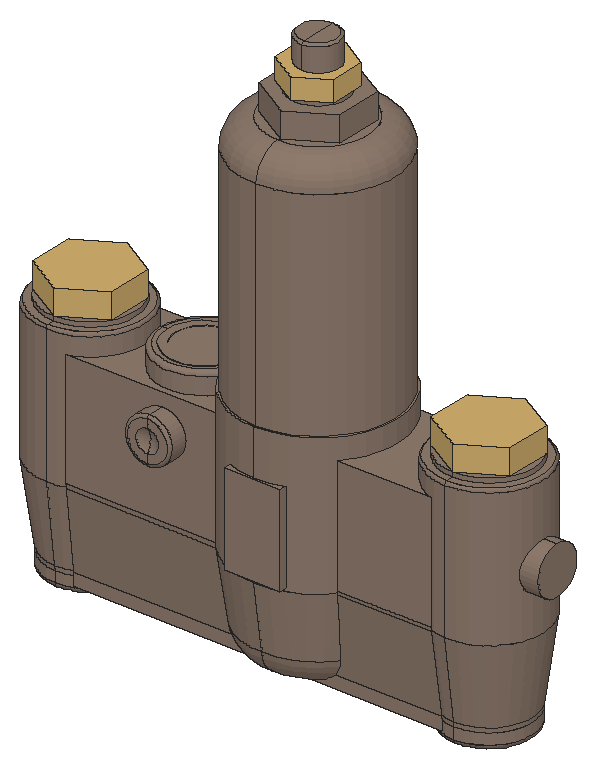
Revit family "Mixing_Valve-Emergency-Bradley_Corp-EFX50-S19-2250", category Pipe Accessories, Revit 2021
Family settings
  Round Connector Dimension = Use Radius
  Part Type = Valve - Breaks Into
  Work Plane-Based = No
  Always vertical = Yes
  Cut with Voids When Loaded = No
  Shared = No
Parameters (values of type "EFX50")
  Znpt Radius = Znpt / 2  # 3/8"
  Znpt = 3/4"
  Ynpt Radius = Ynpt / 2  # 5/8"
  Ynpt = 1 1/4"
  Xnpt Radius = Xnpt / 2  # 1/2"
  Xnpt = 1"
  Width = G  # 3.625"
  Warranty Information = "n/a"
  Visibility Outlet [instance] = and(Valve Visibility, P Option Inlet & Outlet Shutoffs)  # no
  Visibility Inlet [instance] = and(Valve Visibility, P Option Inlet & Outlet Shutoffs)  # no
  Version = "2.0"
  Valve Visibility [instance] = or(not(Cabinet Visibility), or(not(Door Visibility), and(Cabinet Visibility, Plexiglass Window Visibility)))  # yes
  Valve Material = Metal - Bradley Corp - Bronze
  URL = "http://www.bradleycorp.com/"
  Tempered Water Flow [instance] = 0 GPM
  Temperature Range = "Std. 65˚ (18˚C) to 95˚F (35˚C)"
  Temperature Notes = "\"Refer to Bradley Technical Data for other temperature ranges\""
  Technical Data = "n/a"
  Stainless Steel Cabinet Door [instance] = and(Door Visibility, and(Cabinet Visibility, not(Plexiglass Window in Door)))  # no
  Specifications URL = "https://www.bradleycorp.com/mediamanager/view/10378/CSI_3-Part_Spec_Guideline_Section_221119.pdf"
  Shutoffs Top to Bottom = 23.000"
  Set Point Notes = "\"Refer to Bradley Technical Data for other set points\""
  Set Point = "85˚F (29˚C)"
  Return Flow [instance] = 0 GPM
  Recessed Cabinet [instance] = no
  Product Tech Data URL - Spanish = ""
  Product Tech Data URL - French = ""
  Product Tech Data URL - English = "https://www.bradleycorp.com/mediamanager/view/10048/S19-2250_EFX50_Thermostatic_Mixing_Valve.pdf"
  Product Page URL = "https://www.bradleycorp.com/product/navigator-efx50"
  Product Name = ""
  Pressure Drop [instance] = 45.00 psi
  Plexiglass Window in Door [instance] = no
  Plexiglass Window Visibility [instance] = and(Door Visibility, and(Cabinet Visibility, Plexiglass Window in Door))  # no
  Percentage of Recycled Content = 0
  P Option Inlet & Outlet Shutoffs [instance] = no
  Outlet Length [instance] = if(P Option Inlet & Outlet Shutoffs, 12.187", if(N Option Outlet Shutoff Only, 8.250", 1.000"))  # 1.000"
  Origin Placement [instance] = if(Recessed Cabinet, Cabinet Depth - 0.125", 0.000")  # 0.000"
  OmniClass Title = "Mixing Valves for Liquid Services"
  OmniClass Code = "23.65.55.14.24"
  Nut Material = Metal - Bradley Corp - Light Bronze
  N Option Outlet Shutoff Only [instance] = no
  Modeling Code = ""
  Model = "S19-2250"
  Minimum Flow = 2 GPM
  Maximum Operating Pressure = 125.00 psi
  Maximum Inlet Temperature = "180˚F (82˚C)"
  Material Note = "n/a"
  Material = "Brass"
  MasterFormat Title = "Emergency Fixture Water-Tempering Equipment"
  MasterFormat Number = "22 45 36"
  Manufacturer Installation URL - English = "https://www.bradleycorp.com/mediamanager/view/11674/215-1810.pdf"
  Manufacturer = "Bradley Corporation"
  Length = H  # 11.375"
  LEED Credit = ""
  Inlet Length [instance] = if(P Option Inlet & Outlet Shutoffs, 7.563", if(N Option Outlet Shutoff Only, 3.813", 1.000"))  # 1.000"
  Industry Standards = "ANSI Z358.1-2004"
  Height = E  # 12.250"
  H = 11.375"
  G = 3.625"
  Flow Capacity [instance] = 83 GPM
  Flange Width = (Cabinet Flange Height - Cabinet Height) / 2  # 1.000"
  Fire Rating = "n/a"
  Finish [instance] = if(Chrome Plated, "Chrome Plated", "")  # ""
  F = 19.000"
  E = 12.250"
  Door Flange Depth = 0.125"
  Door Visibility [instance] = yes
  Domestic Hot In [instance] = Tempered Water Flow / 2  # 0 GPM
  Domestic Cold In [instance] = Tempered Water Flow / 2  # 0 GPM
  Dial Thermometer Visibility [instance] = and(Dial Thermometer, Valve Visibility)  # no
  Dial Thermometer [instance] = no
  Description = "Emergency Fixture Thermostatic Mixing Valve (EFX60) with Optional Cabinet"
  Default Elevation = 0.000"
  D = 5.250"
  Copyright = "This Model Data is Property of Bradley Corporation"
  Chrome Plated [instance] = no
  Outlet Center to Piston = 2.500"
  Outlet Center to Cabinet Back = 2.250"
  Left Inlet Center to Left of Box = 7.625"
  Center Inlets to Edge = (H - A - 0.375") / 2  # 1.125"
  Cabinet Window Material = Plastic - Bradley Corp - Plexi-glass
  Cabinet Width = 24.000"
  Cabinet Visibility [instance] = or(Cabinet, Recessed Cabinet)  # no
  Cabinet Material = Metal - Bradley Corp - Stainless Steel
  Cabinet Height = 28.000"
  Cabinet Flange Width = 26.000"
  Cabinet Flange Height = 30.000"
  Cabinet Depth = 6.500"
  Cabinet [instance] = no
  C = 3.500"
  Box Depth = Cabinet Depth - Door Flange Depth  # 6.375"
  Bottom Valve to Bottom Shutoff Inlets = 6.563"
  B = 2.500"
  Assembly Code = "D2090800"
  ADA Compliant = no
  A = 8.750"
Reference planes (in)
  plane 1 "Center (Front/Back)": y = 0
  plane 2 "Top C": z = 2.09604
  plane 3 "Center (Left/Right)": x = 0
  plane 4 "Bottom C-D": z = -1.40396
  plane 5 "Top D": z = 3.84604
  plane 6 "Left A-B": x = -4.375
  plane 7 "Right B": x = -1.875
  plane 8 "Right A": x = 4.375
  plane 9 "Left H": x = -5.5
  plane 10 "Right H": x = 5.875
  plane 11 "Right edge": x = 5.5
  plane 12 "Top Nuts": z = 4.50229
  plane 13 "Top valve": z = 10.84604
  plane 14 "Front G": y = -4.0625
  plane 15 "Center G": y = -2.25
  plane 16 "Center Piston": x = 0.625
  plane 17 "Left Cabinet": x = -12
  plane 18 "Top Cabinet": z = 18.03304
  plane 19 "Right Cabinet": x = 12
  plane 20 "Bottom Cabinet": z = -9.96696
  plane 21 "Left Flange": x = -13
  plane 22 "Bottom Flange": z = -10.96696
  plane 23 "Right Flange": x = 13
  plane 24 "Top Flange": z = 19.03304
  plane 25 "Front Cabinet": y = -6.5
  plane 26 "Front Cabinet inside": y = -6.375
  plane 27 "Back G": y = -0.4375
  plane 28 "Inlet extension": z = -1.40396
  plane 29 "Outlet extension": z = 3.84604
  plane 30 "Inlet base": z = -0.40396
  plane 31 "Outlet base": z = 2.84604
  plane 32 "Dial": z = 2.59604
  plane 33 "Inlets shutoff bottom": z = -7.96696
  plane 34 "Outlet shutoff top": z = 15.03304
  plane 35 "Handle front": y = -4.4625
  plane 36 "Dial front": y = -4.3125
  plane 37 "Cabinet back": y = 0
  plane 38: z = 3.37729
  plane 39: x = -11.875
  plane 40: z = -9.84196
  plane 41: z = 17.90804
  plane 42: x = 11.875
  plane 43: y = -3.805
  plane 44: y = -0.695
  plane 45: through (-1.875, -180, 2.59604) normal (-0.7071, 0, -0.7071)
Forms (in)
  Extrusion 1, solid, material "Metal - Bradley Corp - Stainless Steel" <- "Cabinet Material", visible <- "Recessed Cabinet", detail levels fine
    sketch origin (0, -6.5, 0) x (-1, 0, 0) y (0, 0, 1)
      loop
        line (13, 19.03304) -> (-13, 19.03304) -> (-13, -10.96696) -> (13, -10.96696) -> (13, 19.03304)
      loop
        line (12, 18.03304) -> (-12, 18.03304) -> (-12, -9.96696) -> (12, -9.96696) -> (12, 18.03304)
    from 0 to 0.125 <- "Door Flange Depth"
  Extrusion 2, solid, material "Metal - Bradley Corp - Stainless Steel" <- "Cabinet Material", visible <- "Cabinet Visibility", detail levels fine
    sketch origin (0, -6.375, 0) x (-1, 0, 0) y (0, 0, 1)
      loop
        line (12, 18.03304) -> (-12, 18.03304) -> (-12, -9.96696) -> (12, -9.96696) -> (12, 18.03304)
    from 0 to 6.375 <- "Box Depth"
  Extrusion 3, void
    sketch origin (0, -6.5, 0) x (-1, 0, 0) y (0, 0, 1)
      loop
        line (11.875, 17.90804) -> (-11.875, 17.90804) -> (-11.875, -9.84196) -> (11.875, -9.84196) -> (11.875, 17.90804)
    from 0 to 6.375 <- "Box Depth"
  Extrusion 4, solid, material "Metal - Bradley Corp - Stainless Steel" <- "Cabinet Material", visible <- "Stainless Steel Cabinet Door", detail levels fine
    sketch origin (0, -6.5, 0) x (-1, 0, 0) y (0, 0, 1)
      loop
        line (12, 18.03304) -> (-12, 18.03304) -> (-12, -9.96696) -> (12, -9.96696) -> (12, 18.03304)
    from 0 to 0.125 <- "Door Flange Depth"
  Extrusion 5, solid, material "Metal - Bradley Corp - Stainless Steel" <- "Cabinet Material", visible <- "Plexiglass Window Visibility", detail levels fine
    sketch origin (0, -6.5, 0) x (-1, 0, 0) y (0, 0, 1)
      loop
        line (12, 18.03304) -> (-12, 18.03304) -> (-12, -9.96696) -> (12, -9.96696) -> (12, 18.03304)
      loop
        circle (1.875, 2.59604) r 1.5
    from 0 to 0.125 <- "Door Flange Depth"
  Extrusion 6, solid, material "Plastic - Bradley Corp - Plexi-glass" <- "Cabinet Window Material", visible <- "Plexiglass Window Visibility", detail levels fine
    sketch origin (0, -6.5, 0) x (-1, 0, 0) y (0, 0, 1)
      loop
        circle (1.875, 2.59604) r 1.5
    from 0 to 0.125 <- "Door Flange Depth"
  Extrusion 7, solid, material "Metal - Bradley Corp - Bronze" <- "Valve Material", visible <- "Valve Visibility", detail levels fine
    sketch origin (-4.375, 0, 0) x (0, 0, 1) y (0, -1, 0)
      loop
        arc (0.82913, 3.3875) -> (0.78172, 3.38586) -> (0.73455, 3.38096) r 0.6875
        line (0.73455, 3.38096) -> (-1.01839, 3.1375) -> (-1.3022, 3.1375) -> (-1.3022, 1.3625) -> (-1.01839, 1.3625) -> (0.73455, 1.11904)
        arc (0.73455, 1.11904) -> (0.78172, 1.11414) -> (0.82913, 1.1125) r 0.6875
        line (0.82913, 1.1125) -> (3.37729, 1.1125) -> (3.37729, 3.3875) -> (0.82913, 3.3875)
    from 0 to 8.75 <- "A"
  Revolve 8, solid, material "Metal - Bradley Corp - Bronze" <- "Valve Material", visible <- "Valve Visibility", detail levels fine
    sketch origin (-4.375, 0, 0) x (0, 0, 1) y (0, -1, 0)
      loop
        arc (3.76604, 1.05) -> (3.81076, 1.06056) -> (3.84604, 1.09) r 0.1
        line (3.84604, 1.09) -> (3.84604, 1.25) -> (3.94604, 1.25) -> (3.94604, 2.25) -> (-1.31345, 2.25) -> (-1.31345, 1.6875) -> (-1.43396, 1.6875) -> (-1.43396, 1.4)
        arc (-1.43396, 1.4) -> (-1.40467, 1.32929) -> (-1.33396, 1.3) r 0.1
        line (-1.33396, 1.3) -> (-1.08579, 1.3)
        arc (-1.08579, 1.3) -> (-1.03408, 1.29822) -> (-0.98262, 1.29287) r 0.75
        line (-0.98262, 1.29287) -> (0.76604, 1.05) -> (3.76604, 1.05)
      axis (3.94604, 2.25) -> (-1.43396, 2.25)
    angle from 0 to 360
  Revolve 9, solid, material "Metal - Bradley Corp - Bronze" <- "Valve Material", visible <- "Valve Visibility", detail levels fine
    sketch origin (4.375, 0, 0) x (0, 0, 1) y (0, -1, 0)
      loop
        arc (3.76604, 1.05) -> (3.81076, 1.06056) -> (3.84604, 1.09) r 0.1
        line (3.84604, 1.09) -> (3.84604, 1.25) -> (3.94604, 1.25) -> (3.94604, 2.25) -> (-1.31345, 2.25) -> (-1.31345, 1.6875) -> (-1.43396, 1.6875) -> (-1.43396, 1.4)
        arc (-1.43396, 1.4) -> (-1.40467, 1.32929) -> (-1.33396, 1.3) r 0.1
        line (-1.33396, 1.3) -> (-1.08579, 1.3)
        arc (-1.08579, 1.3) -> (-1.03408, 1.29822) -> (-0.98262, 1.29287) r 0.75
        line (-0.98262, 1.29287) -> (0.76604, 1.05) -> (3.76604, 1.05)
      axis (3.94604, 2.25) -> (-1.43396, 2.25)
    angle from 0 to 360
  Revolve 10, solid, material "Metal - Bradley Corp - Bronze" <- "Valve Material", visible <- "Valve Visibility", detail levels fine
    sketch origin (0.625, 0, 0) x (0, 0, 1) y (0, -1, 0)
      loop
        line (3.84604, 0.55) -> (8.59648, 0.55)
        arc (8.59648, 0.55) -> (9.02156, 0.72607) -> (9.19763, 1.15115) r 0.60115
        line (9.19763, 1.15115) -> (9.19763, 1.875) -> (9.74565, 1.875) -> (9.74565, 1.625) -> (9.84565, 1.625) -> (9.84565, 1.8) -> (10.79565, 1.8) -> (10.84604, 1.85039) -> (10.84604, 2.25) -> (9.74565, 2.25) -> (-1.3022, 2.25) -> (-1.3022, 1.28944)
        arc (-1.3022, 1.28944) -> (-1.07989, 0.89546) -> (-0.67145, 0.70099) r 0.75
        line (-0.67145, 0.70099) -> (0.77565, 0.5) -> (3.84604, 0.5) -> (3.84604, 0.55)
      axis (10.84604, 2.25) -> (-1.3022, 2.25)
    angle from 0 to 360
  Extrusion 11, solid, material "Metal - Bradley Corp - Bronze" <- "Valve Material", visible <- "Valve Visibility", detail levels fine
    sketch origin (0, -4.0625, 0) x (-1, 0, 0) y (0, 0, 1)
      loop
        line (-0.02127, 2.84604) -> (-1.22873, 2.84604) -> (-1.22873, 0.84604) -> (-0.02127, 0.84604) -> (-0.02127, 2.84604)
    from 0 to 3.625 <- "G"
  Revolve 12, solid, material "Metal - Bradley Corp - Bronze" <- "Valve Material", visible <- "Valve Visibility", detail levels fine
    sketch origin (-1.875, 0, 0) x (0, 0, 1) y (0, -1, 0)
      loop
        arc (2.15628, 3.805) -> (2.11369, 3.78735) -> (2.09604, 3.74475) r 0.06024
        line (2.09604, 3.74475) -> (2.09604, 0.75525)
        arc (2.09604, 0.75525) -> (2.11369, 0.71265) -> (2.15628, 0.695) r 0.06024
        line (2.15628, 0.695) -> (2.34604, 0.695)
        arc (2.34604, 0.695) -> (2.46433, 0.75691) -> (2.59604, 0.77873) r 0.42164
        line (2.59604, 0.77873) -> (2.59604, 3.72127)
        arc (2.59604, 3.72127) -> (2.46433, 3.74309) -> (2.34604, 3.805) r 0.42164
        line (2.34604, 3.805) -> (2.15628, 3.805)
      axis (2.59604, 3.805) -> (2.59604, 0.695)
    angle from 0 to 360
  Extrusion 13, solid, material "Metal - Bradley Corp - Light Bronze" <- "Nut Material", visible <- "Valve Visibility", detail levels fine
    sketch origin (0, 0, 4.50229) x (-1, 0, 0) y (0, -1, 0)
      loop
        line (3.50897, 1.75) -> (4.375, 1.25) -> (5.24103, 1.75) -> (5.24103, 2.75) -> (4.375, 3.25) -> (3.50897, 2.75) -> (3.50897, 1.75)
      loop
        line (-5.24103, 1.75) -> (-4.375, 1.25) -> (-3.50897, 1.75) -> (-3.50897, 2.75) -> (-4.375, 3.25) -> (-5.24103, 2.75) -> (-5.24103, 1.75)
    from 0 to -0.55625
  Revolve 14, solid, material "Metal - Bradley Corp - Bronze" <- "Valve Material", visible <- "Valve Visibility", detail levels fine
    sketch origin (0, -2.25, 0) x (-1, 0, 0) y (0, 0, 1)
      loop
        line (2.875, 3.37729) -> (2.875, 3.74987)
        arc (2.875, 3.74987) -> (2.84683, 3.81787) -> (2.77883, 3.84604) r 0.09617
        line (2.77883, 3.84604) -> (2.5, 3.84604) -> (2.5, 3.69882) -> (1.875, 3.69882) -> (1.875, 3.37729) -> (2.875, 3.37729)
      axis (1.875, 3.84604) -> (1.875, 3.37729)
    angle from 0 to 360
  Extrusion 15, solid, material "Plastic - Bradley Corp - White", visible <- "Dial Thermometer Visibility", detail levels fine
    sketch origin (0, -4.3125, 0) x (0, 0, 1) y (-1, 0, 0)
      loop
        circle (2.59604, 1.875) r 1.5
    from 0 to -0.25
  Extrusion 16, solid, material "Plastic - Bradley Corp - Black", visible <- "Dial Thermometer Visibility", detail levels fine
    sketch origin (0, -4.3125, 0) x (0, 0, 1) y (-1, 0, 0)
      loop
        arc (2.67153, 1.80942) -> (3.15699, 2.33019) -> (3.60475, 2.88371) r 10.14983
        arc (3.60475, 2.88371) -> (3.05123, 2.43595) -> (2.53046, 1.95049) r 10.14983
        arc (2.53046, 1.95049) -> (2.52533, 1.80429) -> (2.67153, 1.80942) r 0.1
    from 0 to 0.125
  Extrusion 17, solid, material "Metal - Bradley Corp - Light Bronze" <- "Nut Material", visible <- "Valve Visibility", detail levels fine
    sketch origin (0.625, -2.25, 9.84565) x (0, 1, 0) y (-1, 0, 0)
      loop
        line (0.375, -0.64952) -> (0.75, 0) -> (0.375, 0.64952) -> (-0.375, 0.64952) -> (-0.75, 0) -> (-0.375, -0.64952) -> (0.375, -0.64952)
    from 0 to 0.44802
  Extrusion 18, solid, material "Metal - Bradley Corp - Bronze" <- "Valve Material", visible <- "Valve Visibility", detail levels fine
    sketch origin (5.875, 0, 0) x (0, 0, 1) y (0, -1, 0)
      loop
        circle (2.09604, 2.25) r 0.525
    from 0 to -0.84747
  Extrusion 19, solid, material "Metal - Bradley Corp - Bronze" <- "Valve Material", visible <- "Valve Visibility", detail levels fine
    sketch origin (0, 0, 2.84604) x (-1, 0, 0) y (0, -1, 0)
      loop
        circle (1.875, 2.25) r 0.805
    from 0 to 1
  Extrusion 20, solid, material "Metal - Bradley Corp - Bronze" <- "Valve Material", visible <- "Valve Visibility", detail levels fine
    sketch origin (0, 0, -0.40396) x (-1, 0, 0) y (0, -1, 0)
      loop
        circle (4.375, 2.25) r 0.6575
      loop
        circle (-4.375, 2.25) r 0.6575
    from 0 to -1
  Extrusion 21, solid, material "Metal - Bradley Corp - Bronze", visible <- "Valve Visibility", detail levels fine
    sketch origin (0.625, -2.25, 9.19763) x (0, 1, 0) y (-1, 0, 0)
      loop
        line (1.03337, 0) -> (0.51668, 0.89492) -> (-0.51668, 0.89492) -> (-1.03337, 0) -> (-0.51668, -0.89492) -> (0.51668, -0.89492) -> (1.03337, 0)
    from 0 to 0.54802
Cuts and joins
  Extrusion 3 cuts Extrusion 1
  Extrusion 3 cuts Extrusion 2
  joined: Extrusion 7, Revolve 10
  joined: Revolve 14, Extrusion 18
Lines and regions (in)
  Masking region 1, detail levels fine
    outline origin (0, 0, -0.40396) x (-1, 0, 0) y (0, -1, 0)
      loop
        line (-5.875, 2.775) -> (-5.875, 1.725) -> (-5.45406, 1.725)
        arc (-5.45406, 1.725) -> (-4.83888, 1.14329) -> (-3.99278, 1.1125) r 1.2
        line (-3.99278, 1.1125) -> (-1.95488, 1.1125)
        arc (-1.95488, 1.1125) -> (-1.62424, 0.81333) -> (-1.22873, 0.60744) r 1.75
        line (-1.22873, 0.60744) -> (-1.22873, 0.4375) -> (-0.02127, 0.4375) -> (-0.02127, 0.60744)
        arc (-0.02127, 0.60744) -> (0.37424, 0.81333) -> (0.70488, 1.1125) r 1.75
        line (0.70488, 1.1125) -> (1.375, 1.1125) -> (1.375, 0.75511)
        arc (1.375, 0.75511) -> (1.39261, 0.71261) -> (1.43511, 0.695) r 0.06011
        line (1.43511, 0.695) -> (2.31806, 0.695)
        arc (2.31806, 0.695) -> (2.35867, 0.71569) -> (2.375, 0.75824) r 0.06358
        line (2.375, 0.75824) -> (2.375, 1.1125) -> (3.99278, 1.1125)
        arc (3.99278, 1.1125) -> (5.54276, 1.9737) -> (4.54305, 3.43818) r 1.2
        line (4.54305, 3.43818) -> (4.54305, 3.5) -> (4.875, 3.5) -> (4.875, 3.58429) -> (4.54305, 3.58429) -> (4.54305, 3.75) -> (4.20695, 3.75) -> (4.20695, 3.58429) -> (3.875, 3.58429) -> (3.875, 3.5) -> (4.20695, 3.5) -> (4.20695, 3.43818)
        arc (4.20695, 3.43818) -> (4.0987, 3.41776) -> (3.99278, 3.3875) r 1.2
        line (3.99278, 3.3875) -> (2.37501, 3.3875) -> (2.37501, 3.73569)
        arc (2.37501, 3.73569) -> (2.36052, 3.78409) -> (2.31453, 3.805) r 0.06104
        line (2.31453, 3.805) -> (1.44532, 3.805)
        arc (1.44532, 3.805) -> (1.39623, 3.79046) -> (1.375, 3.74387) r 0.06173
        line (1.375, 3.74387) -> (1.375, 3.3875) -> (0.76931, 3.3875)
        arc (0.76931, 3.3875) -> (0.41305, 3.72251) -> (-0.02127, 3.94727) r 1.77033
        line (-0.02127, 3.94727) -> (-0.02127, 4.0625) -> (-1.22873, 4.0625) -> (-1.22873, 3.89256)
        arc (-1.22873, 3.89256) -> (-1.62424, 3.68667) -> (-1.95488, 3.3875) r 1.75
        line (-1.95488, 3.3875) -> (-3.99278, 3.3875)
        arc (-3.99278, 3.3875) -> (-4.09879, 3.4174) -> (-4.20695, 3.43818) r 1.29332
        line (-4.20695, 3.43818) -> (-4.20695, 3.5) -> (-3.875, 3.5) -> (-3.875, 3.58429) -> (-4.20695, 3.58429) -> (-4.20695, 3.75) -> (-4.54305, 3.75) -> (-4.54305, 3.58429) -> (-4.875, 3.58429) -> (-4.875, 3.5) -> (-4.54291, 3.5) -> (-4.54291, 3.43819)
        arc (-4.54291, 3.43819) -> (-5.08118, 3.22021) -> (-5.45406, 2.775) r 1.2
        line (-5.45406, 2.775) -> (-5.875, 2.775)
  Masking region 2, detail levels fine
    outline origin (0, 0, -0.40396) x (-1, 0, 0) y (0, -1, 0)
      loop
        line (3.375, 4.0625) -> (3.375, 4.3125) -> (2.88371, 4.3125) -> (2.88371, 4.4375) -> (1.775, 4.4375) -> (1.775, 4.3125) -> (0.375, 4.3125) -> (0.375, 4.0625) -> (3.375, 4.0625)
  Masking region 3, detail levels fine
    outline origin (0, -4.3125, 0) x (0, 0, 1) y (-1, 0, 0)
      loop
        line (10.84604, -1.02461) -> (10.84604, -0.22539) -> (10.79565, -0.175) -> (10.29368, -0.175) -> (10.29368, 0.02452) -> (9.74565, 0.02452) -> (9.74565, 0.26992) -> (9.19763, 0.26992) -> (9.19763, 0.49313)
        arc (9.19763, 0.49313) -> (9.0272, 0.90457) -> (8.61576, 1.075) r 0.58187
        line (8.61576, 1.075) -> (3.8649, 1.075)
        arc (3.8649, 1.075) -> (4.05187, 2.23634) -> (3.34356, 3.17546) r 1.5
        line (3.34356, 3.17546) -> (3.76777, 3.17546)
        arc (3.76777, 3.17546) -> (3.8116, 3.18589) -> (3.84604, 3.21495) r 0.09733
        line (3.84604, 3.21495) -> (3.84604, 3.375) -> (3.94604, 3.375) -> (3.94604, 3.50897) -> (4.50229, 3.50897) -> (4.50229, 5.24103) -> (3.94604, 5.24103) -> (3.94604, 5.375) -> (3.84604, 5.375) -> (3.84604, 5.53461)
        arc (3.84604, 5.53461) -> (3.81345, 5.56395) -> (3.7709, 5.57456) r 0.09063
        line (3.7709, 5.57456) -> (0.76587, 5.57456) -> (-1.01612, 5.32905) -> (-1.31619, 5.32382)
        arc (-1.31619, 5.32382) -> (-1.39812, 5.30187) -> (-1.43396, 5.225) r 0.10034
        line (-1.43396, 5.225) -> (-1.43396, 4.375) -> (-1.43396, 3.525)
        arc (-1.43396, 3.525) -> (-1.40477, 3.45453) -> (-1.33429, 3.42534) r 0.09966
        line (-1.33429, 3.42534) -> (-1.3022, 3.42534) -> (-1.3022, -3.42254)
        arc (-1.3022, -3.42254) -> (-1.39314, -3.44155) -> (-1.43396, -3.525) r 0.10571
        line (-1.43396, -3.525) -> (-1.43396, -4.375) -> (-1.43396, -5.225)
        arc (-1.43396, -5.225) -> (-1.40168, -5.29903) -> (-1.32546, -5.32573) r 0.10101
        line (-1.32546, -5.32573) -> (-1.04105, -5.32573) -> (0.76621, -5.57485) -> (1.57104, -5.57485) -> (1.57104, -5.875) -> (2.62122, -5.875) -> (2.62122, -5.57463) -> (3.76777, -5.57463)
        arc (3.76777, -5.57463) -> (3.81178, -5.56425) -> (3.84604, -5.53475) r 0.09528
        line (3.84604, -5.53475) -> (3.84604, -5.375) -> (3.94604, -5.375) -> (3.94604, -5.24103) -> (4.50229, -5.24103) -> (4.50229, -3.50897) -> (3.94604, -3.50897) -> (3.94604, -3.375) -> (3.84604, -3.375) -> (3.84604, -3.2158)
        arc (3.84604, -3.2158) -> (3.81008, -3.18574) -> (3.76447, -3.17496) r 0.10189
        line (3.76447, -3.17496) -> (3.37729, -3.17496) -> (3.37729, -2.375) -> (3.84604, -2.375) -> (3.84604, -2.325) -> (8.61576, -2.325)
        arc (8.61576, -2.325) -> (9.0272, -2.15457) -> (9.19763, -1.74313) r 0.58187
        line (9.19763, -1.74313) -> (9.19763, -1.51992) -> (9.74565, -1.51992) -> (9.74565, -1.27452) -> (10.29368, -1.27452) -> (10.29368, -1.075) -> (10.79565, -1.075) -> (10.84604, -1.02461)
  Masking region 4, detail levels fine
    outline origin (5.875, 0, 0) x (0, 0, 1) y (0, -1, 0)
      loop
        line (10.84604, 1.85039) -> (10.84604, 2.64961) -> (10.79565, 2.7) -> (10.29368, 2.7) -> (10.29368, 3) -> (9.84565, 3) -> (9.84565, 2.875) -> (9.74565, 2.875) -> (9.74565, 3.28337) -> (9.19763, 3.28337)
        arc (9.19763, 3.28337) -> (9.0595, 3.74876) -> (8.61771, 3.95) r 0.58556
        line (8.61771, 3.95) -> (3.84604, 3.95) -> (3.84604, 4) -> (2.84604, 4) -> (2.84604, 4.0625) -> (4.09604, 4.0625) -> (4.09604, 4.3125) -> (3.60475, 4.3125) -> (3.60475, 4.4375) -> (2.49604, 4.4375) -> (2.49604, 4.3125) -> (1.09604, 4.3125) -> (1.09604, 4.0625) -> (0.84604, 4.0625) -> (0.84604, 4) -> (0.77565, 4) -> (-0.58616, 3.81192)
        arc (-0.58616, 3.81192) -> (-0.78791, 3.77194) -> (-0.97462, 3.6857) r 0.86964
        arc (-0.97462, 3.6857) -> (-1.19095, 3.47831) -> (-1.3022, 3.20004) r 0.70855
        line (-1.3022, 3.20004) -> (-1.34205, 3.19932)
        arc (-1.34205, 3.19932) -> (-1.40739, 3.16741) -> (-1.43383, 3.09968) r 0.09998
        line (-1.43383, 3.09968) -> (-1.43383, 1.40486)
        arc (-1.43383, 1.40486) -> (-1.40775, 1.33122) -> (-1.33611, 1.30007) r 0.09796
        line (-1.33611, 1.30007) -> (-1.3022, 1.30007)
        arc (-1.3022, 1.30007) -> (-1.10649, 0.92216) -> (-0.73616, 0.71247) r 0.74696
        line (-0.73616, 0.71247) -> (0.77565, 0.5) -> (0.84604, 0.5) -> (0.84604, 0.4375) -> (2.84604, 0.4375) -> (2.84604, 0.5) -> (3.84604, 0.5) -> (3.84604, 0.55022) -> (8.63657, 0.55022)
        arc (8.63657, 0.55022) -> (9.0356, 0.74055) -> (9.19763, 1.15189) r 0.60313
        line (9.19763, 1.15189) -> (9.19763, 1.21663) -> (9.74565, 1.21663) -> (9.74565, 1.625) -> (9.84565, 1.625) -> (9.84565, 1.5) -> (10.29368, 1.5) -> (10.29368, 1.8) -> (10.79565, 1.8) -> (10.84604, 1.85039)
  model lines, detail levels coarse+medium
    curve 1: line (-1.875, -2.25, 1.34635) -> (-1.875, -2.25, 2.97453)
    curve 2: line (-2.0892, -2.25, 2.97453) -> (-1.6608, -2.25, 2.97453)
    curve 3: line (-2.8032, -2.25, 2.52444) -> (-2.8032, -2.25, 1.66764)
    curve 4: line (-0.9468, -2.25, 2.52444) -> (-0.9468, -2.25, 1.66764)
    curve 5: line (-2.8032, -2.25, 2.52444) -> (-0.9468, -2.25, 1.66764)
    curve 6: line (-0.9468, -2.25, 2.52444) -> (-2.8032, -2.25, 1.66764)
    curve 7: arc (-2.8032, -2.25, 1.34635) -> (-1.875, -2.25, 0.84655) -> (-0.9468, -2.25, 1.34635) r 1.11179
    curve 8: line (-2.8032, -2.25, 1.34635) -> (-0.9468, -2.25, 1.34635)
    curve 9: line (-2.8032, -2.25, 2.09604) -> (-4.375, -2.25, 2.09604)
    curve 10: line (-4.375, -2.25, 2.09604) -> (-4.375, -2.25, -1.40396)
    curve 11: line (-0.9468, -2.25, 2.09604) -> (4.375, -2.25, 2.09604)
    curve 12: line (4.375, -2.25, 2.09604) -> (4.375, -2.25, -1.40396)
    curve 13: line (-1.875, -2.25, 3.34553) -> (-1.875, -2.25, 3.84604)
    curve 14: line (-2.375, -2.25, 3.84604) -> (-1.375, -2.25, 3.84604)
    curve 15: line (-4.75, -2.25, -1.40396) -> (-4, -2.25, -1.40396)
    curve 16: line (4, -2.25, -1.40396) -> (4.75, -2.25, -1.40396)
    curve 17: line (4.375, -2.25, 2.09604) -> (5.875, -2.25, 2.09604)
    curve 18: line (5.875, -2.25, 1.72104) -> (5.875, -2.25, 2.47104)
    curve 19: line (-1.6608, -2.25, 2.97453) -> (-1.875, -2.25, 3.34553)
    curve 20: line (-1.875, -2.25, 3.34553) -> (-2.0892, -2.25, 2.97453)
  symbolic lines, detail levels fine
    curve 21: arc (4.375, -3.41, -0.40396) -> (3.215, -2.25, -0.40396) -> (4.375, -1.09, -0.40396) r 1.16
    curve 22: arc (4.375, -1.09, -0.40396) -> (5.535, -2.25, -0.40396) -> (4.375, -3.41, -0.40396) r 1.16
    curve 23: arc (4.375, -3.25, -0.40396) -> (5.375, -2.25, -0.40396) -> (4.375, -1.25, -0.40396) r 1
    curve 24: arc (4.375, -1.25, -0.40396) -> (3.375, -2.25, -0.40396) -> (4.375, -3.25, -0.40396) r 1
    curve 25: line (3.50897, -2.75, -0.40396) -> (4.375, -3.25, -0.40396)
    curve 26: line (4.375, -3.25, -0.40396) -> (5.24103, -2.75, -0.40396)
    curve 27: line (5.24103, -2.75, -0.40396) -> (5.24103, -1.75, -0.40396)
    curve 28: line (5.24103, -1.75, -0.40396) -> (4.375, -1.25, -0.40396)
    curve 29: line (4.375, -1.25, -0.40396) -> (3.50897, -1.75, -0.40396)
    curve 30: line (3.50897, -1.75, -0.40396) -> (3.50897, -2.75, -0.40396)
    curve 31: arc (3.99278, -1.1125, -0.40396) -> (3.175, -2.25, -0.40396) -> (3.99278, -3.3875, -0.40396) r 1.2
    curve 32: arc (5.45413, -2.77486, -0.40396) -> (5.57482, -2.22934, -0.40396) -> (5.43542, -1.6883, -0.40396) r 1.2
    curve 33: arc (0.625, -1.85039, -0.40396) -> (1.02461, -2.25, -0.40396) -> (0.625, -2.64961, -0.40396) r 0.39961
    curve 34: arc (0.625, -2.64961, -0.40396) -> (0.22539, -2.25, -0.40396) -> (0.625, -1.85039, -0.40396) r 0.39961
    curve 35: arc (0.625, -1.8, -0.40396) -> (0.175, -2.25, -0.40396) -> (0.625, -2.7, -0.40396) r 0.45
    curve 36: arc (0.625, -2.7, -0.40396) -> (1.075, -2.25, -0.40396) -> (0.625, -1.8, -0.40396) r 0.45
    curve 37: line (-0.02452, -2.625, -0.40396) -> (0.625, -3, -0.40396)
    curve 38: line (0.625, -3, -0.40396) -> (1.27452, -2.625, -0.40396)
    curve 39: line (1.27452, -2.625, -0.40396) -> (1.27452, -1.875, -0.40396)
    curve 40: line (1.27452, -1.875, -0.40396) -> (0.625, -1.5, -0.40396)
    curve 41: line (0.625, -1.5, -0.40396) -> (-0.02452, -1.875, -0.40396)
    curve 42: line (-0.02452, -1.875, -0.40396) -> (-0.02452, -2.625, -0.40396)
    curve 43: line (-0.26992, -2.76668, -0.40396) -> (0.625, -3.28337, -0.40396)
    curve 44: line (0.625, -3.28337, -0.40396) -> (1.51992, -2.76668, -0.40396)
    curve 45: line (1.51992, -2.76668, -0.40396) -> (1.51992, -1.73332, -0.40396)
    curve 46: line (1.51992, -1.73332, -0.40396) -> (0.625, -1.21663, -0.40396)
    curve 47: line (0.625, -1.21663, -0.40396) -> (-0.26992, -1.73332, -0.40396)
    curve 48: line (-0.26992, -1.73332, -0.40396) -> (-0.26992, -2.76668, -0.40396)
    curve 49: arc (-1.1186, -2.65999, -0.40396) -> (-0.23604, -3.83279, -0.40396) -> (1.22805, -3.93661, -0.40396) r 1.77033
    curve 50: arc (1.23607, -0.61015, -0.40396) -> (-0.13346, -0.6729, -0.40396) -> (-1.0375, -1.70356, -0.40396) r 1.75
    curve 51: arc (1.95666, -3.38542, -0.40396) -> (2.375, -2.25, -0.40396) -> (1.95666, -1.11458, -0.40396) r 1.75
    curve 52: arc (0.625, -3.95, -0.40396) -> (2.325, -2.25, -0.40396) -> (0.625, -0.55, -0.40396) r 1.7
    curve 53: arc (0.625, -0.55, -0.40396) -> (-0.46795, -0.9479, -0.40396) -> (-1.04927, -1.95533, -0.40396) r 1.7
    curve 54: arc (-1.04927, -2.54467, -0.40396) -> (-0.46795, -3.5521, -0.40396) -> (0.625, -3.95, -0.40396) r 1.7
    curve 55: line (-1.4438, -2.9904, -0.40396) -> (-1.01083, -2.25, -0.40396)
    curve 56: line (-1.01083, -2.25, -0.40396) -> (-1.44006, -1.49682, -0.40396)
    curve 57: line (-1.44006, -1.49682, -0.40396) -> (-2.30613, -1.49682, -0.40396)
    curve 58: line (-2.30613, -1.49682, -0.40396) -> (-2.73541, -2.25, -0.40396)
    curve 59: line (-2.73541, -2.25, -0.40396) -> (-2.30249, -2.9904, -0.40396)
    curve 60: line (-2.30249, -2.9904, -0.40396) -> (-1.4438, -2.9904, -0.40396)
    curve 61: arc (-1.1186, -2.65999, -0.40396) -> (-1.44878, -1.49183, -0.40396) -> (-2.61989, -1.8114, -0.40396) r 0.8623
    curve 62: arc (-2.61989, -1.8114, -0.40396) -> (-2.29746, -2.99327, -0.40396) -> (-1.1186, -2.65999, -0.40396) r 0.8623
    curve 63: line (-0.87914, -2.25, -0.40396) -> (-1.37707, -1.38756, -0.40396)
    curve 64: line (-1.37707, -1.38756, -0.40396) -> (-2.37293, -1.38756, -0.40396)
    curve 65: line (-2.37293, -1.38756, -0.40396) -> (-2.87086, -2.25, -0.40396)
    curve 66: line (-2.87086, -2.25, -0.40396) -> (-2.37293, -3.11244, -0.40396)
    curve 67: line (-2.37293, -3.11244, -0.40396) -> (-1.37707, -3.11244, -0.40396)
    curve 68: line (-1.37707, -3.11244, -0.40396) -> (-0.87914, -2.25, -0.40396)
    curve 69: arc (-1.0375, -1.70356, -0.40396) -> (-2.71101, -1.70128, -0.40396) -> (-2.04316, -3.23576, -0.40396) r 1
    curve 70: line (-1.375, -3.5, -0.40396) -> (-2.375, -3.5, -0.40396)
    curve 71: line (-2.375, -3.58429, -0.40396) -> (-1.375, -3.58429, -0.40396)
    curve 72: line (-2.04305, -3.75, -0.40396) -> (-2.04305, -3.58429, -0.40396)
    curve 73: line (-2.04305, -3.75, -0.40396) -> (-1.70695, -3.75, -0.40396)
    curve 74: line (-1.70695, -3.75, -0.40396) -> (-1.70695, -3.58429, -0.40396)
    curve 75: line (-1.70715, -3.5, -0.40396) -> (-1.70715, -3.09595, -0.40396)
    curve 76: line (-2.04316, -3.5, -0.40396) -> (-2.04316, -3.09589, -0.40396)
    curve 77: arc (-1.70715, -3.23581, -0.40396) -> (-1.32798, -3.08712, -0.40396) -> (-1.03955, -2.79956, -0.40396) r 1
    curve 78: line (-3.50897, -1.75, -0.40396) -> (-4.375, -1.25, -0.40396)
    curve 79: line (-4.375, -1.25, -0.40396) -> (-5.24103, -1.75, -0.40396)
    curve 80: line (-5.24103, -1.75, -0.40396) -> (-5.24103, -2.75, -0.40396)
    curve 81: line (-5.24103, -2.75, -0.40396) -> (-4.375, -3.25, -0.40396)
    curve 82: line (-4.375, -3.25, -0.40396) -> (-3.50897, -2.75, -0.40396)
    curve 83: line (-3.50897, -2.75, -0.40396) -> (-3.50897, -1.75, -0.40396)
    curve 84: arc (-4.375, -3.25, -0.40396) -> (-3.375, -2.25, -0.40396) -> (-4.375, -1.25, -0.40396) r 1
    curve 85: arc (-4.375, -1.25, -0.40396) -> (-5.375, -2.25, -0.40396) -> (-4.375, -3.25, -0.40396) r 1
    curve 86: arc (-4.375, -3.41, -0.40396) -> (-5.535, -2.25, -0.40396) -> (-4.375, -1.09, -0.40396) r 1.16
    curve 87: arc (-4.375, -1.09, -0.40396) -> (-3.215, -2.25, -0.40396) -> (-4.375, -3.41, -0.40396) r 1.16
    curve 88: arc (-3.99278, -3.3875, -0.40396) -> (-3.175, -2.25, -0.40396) -> (-3.99278, -1.1125, -0.40396) r 1.2
    curve 89: line (-4.54305, -3.5, -0.40396) -> (-4.20695, -3.5, -0.40396)
    curve 90: line (-4.54305, -3.58429, -0.40396) -> (-4.20695, -3.58429, -0.40396)
    curve 91: line (4.20695, -3.5, -0.40396) -> (4.54291, -3.5, -0.40396)
    curve 92: line (4.20695, -3.58429, -0.40396) -> (4.54305, -3.58429, -0.40396)
    curve 93: line (-2.88371, -4.3125, -0.40396) -> (-1.775, -4.3125, -0.40396)
    curve 94: line (1.27452, -4.3125, 10.29368) -> (-0.02452, -4.3125, 10.29368)
    curve 95: line (-0.02452, -4.3125, 9.84565) -> (1.27452, -4.3125, 9.84565)
    curve 96: line (1.27452, -4.3125, 9.74565) -> (-0.02452, -4.3125, 9.74565)
    curve 97: line (-0.26992, -4.3125, 9.19763) -> (1.51992, -4.3125, 9.19763)
    curve 98: line (0.25, -4.3125, 9.19763) -> (0.25, -4.3125, 9.74565)
    curve 99: line (0.625, -4.3125, 9.19763) -> (0.625, -4.3125, 9.74565)
    curve 100: line (0.99984, -4.3125, 9.19763) -> (0.99984, -4.3125, 9.74565)
    curve 101: line (1.07499, -4.3125, 10.29368) -> (1.07499, -4.3125, 9.84565)
    curve 102: line (0.625, -4.3125, 10.29368) -> (0.625, -4.3125, 9.84565)
    curve 103: line (0.17497, -4.3125, 10.29368) -> (0.17497, -4.3125, 9.84565)
    curve 104: line (0.175, -4.3125, 10.79565) -> (1.075, -4.3125, 10.79565)
    curve 105: line (-3.50897, -4.3125, 3.94604) -> (-5.24103, -4.3125, 3.94604)
    curve 106: line (-5.375, -4.3125, 3.84604) -> (-3.375, -4.3125, 3.84604)
    curve 107: line (-5.0325, -4.3125, -0.40396) -> (-3.7175, -4.3125, -0.40396)
    curve 108: line (-5.0325, -4.3125, -1.40396) -> (-5.0325, -4.3125, -0.40396)
    curve 109: line (-3.7175, -4.3125, -1.40396) -> (-5.0325, -4.3125, -1.40396)
    curve 110: line (-3.7175, -4.3125, -0.40396) -> (-3.7175, -4.3125, -1.40396)
    curve 111: line (-3.17457, -4.3125, 0.76587) -> (-5.57326, -4.3125, 0.76587)
    curve 112: arc (-3.21495, -4.3125, 3.84604) -> (-3.18532, -4.3125, 3.81043) -> (-3.1755, -4.3125, 3.76516) r 0.09733
    curve 113: line (-3.1755, -4.3125, 3.76516) -> (-3.1755, -4.3125, 3.3435)
    curve 114: line (-3.17457, -4.3125, 1.84697) -> (-3.17457, -4.3125, 0.76587)
    curve 115: line (-3.17457, -4.3125, 0.76587) -> (-3.42534, -4.3125, -1.01839)
    curve 116: line (-3.42534, -4.3125, -1.01839) -> (-3.42534, -4.3125, -1.33732)
    curve 117: arc (-3.1755, -4.3125, 3.3435) -> (-1.51363, -4.3125, 1.14022) -> (-1.075, -4.3125, 3.8649) r 1.5
    curve 118: line (-0.70666, -4.3125, 0.77565) -> (1.95558, -4.3125, 0.77565)
    curve 119: line (1.22873, -4.3125, 0.84604) -> (1.22873, -4.3125, 2.84604)
    curve 120: line (1.22873, -4.3125, 2.84604) -> (0.02127, -4.3125, 2.84604)
    curve 121: line (0.02127, -4.3125, 2.84604) -> (0.02127, -4.3125, 0.84604)
    curve 122: line (0.02127, -4.3125, 0.84604) -> (1.22873, -4.3125, 0.84604)
    curve 123: line (2.375, -4.3125, 3.84604) -> (-1.04584, -4.3125, 3.84604)
    curve 124: line (-0.70488, -4.3125, 0.76876) -> (-0.70488, -4.3125, 1.65752)
    curve 125: spline (-0.70295, -4.3125, 0.73441) -> (-0.70318, -4.3125, 0.73785) -> (-0.70342, -4.3125, 0.74128) -> (-0.70368, -4.3125, 0.74471) -> (-0.70395, -4.3125, 0.74815) -> (-0.70424, -4.3125, 0.75159) -> (-0.70454, -4.3125, 0.75502) -> (-0.70486, -4.3125, 0.75846) -> (-0.70519, -4.3125, 0.7619) -> (-0.70553, -4.3125, 0.76534) -> (-0.7059, -4.3125, 0.76878) -> (-0.70627, -4.3125, 0.77222) -> (-0.70666, -4.3125, 0.77565)
    curve 126: spline (-0.6096, -4.3125, -0.6697) -> (-0.61764, -4.3125, -0.5527) -> (-0.62563, -4.3125, -0.43571) -> (-0.63357, -4.3125, -0.31871) -> (-0.64147, -4.3125, -0.20171) -> (-0.64932, -4.3125, -0.0847) -> (-0.65712, -4.3125, 0.0323) -> (-0.66488, -4.3125, 0.14931) -> (-0.67258, -4.3125, 0.26633) -> (-0.68025, -4.3125, 0.38335) -> (-0.68786, -4.3125, 0.50037) -> (-0.69543, -4.3125, 0.61739) -> (-0.70295, -4.3125, 0.73441)
    curve 127: spline (-0.45572, -4.3125, -1.02949) -> (-0.47743, -4.3125, -1.00424) -> (-0.4977, -4.3125, -0.97784) -> (-0.51646, -4.3125, -0.95037) -> (-0.53365, -4.3125, -0.92191) -> (-0.54923, -4.3125, -0.89255) -> (-0.56314, -4.3125, -0.86238) -> (-0.57534, -4.3125, -0.8315) -> (-0.5858, -4.3125, -0.79999) -> (-0.59447, -4.3125, -0.76796) -> (-0.60135, -4.3125, -0.7355) -> (-0.60639, -4.3125, -0.70271) -> (-0.6096, -4.3125, -0.6697)
    curve 128: arc (0.25756, -4.3125, -1.29981) -> (-0.12365, -4.3125, -1.22948) -> (-0.45572, -4.3125, -1.02949) r 1.08374
    curve 129: line (0.25755, -4.3125, -1.3022) -> (0.625, -4.3125, -1.3022)
    curve 130: line (0.625, -4.3125, -1.3022) -> (0.99245, -4.3125, -1.3022)
    curve 131: arc (1.70575, -4.3125, -1.02973) -> (1.37367, -4.3125, -1.22971) -> (0.99245, -4.3125, -1.30004) r 1.08384
    curve 132: spline (1.85956, -4.3125, -0.67004) -> (1.85636, -4.3125, -0.70304) -> (1.85131, -4.3125, -0.73582) -> (1.84444, -4.3125, -0.76827) -> (1.83577, -4.3125, -0.80029) -> (1.82532, -4.3125, -0.83179) -> (1.81312, -4.3125, -0.86266) -> (1.79922, -4.3125, -0.89282) -> (1.78365, -4.3125, -0.92217) -> (1.76647, -4.3125, -0.95063) -> (1.74771, -4.3125, -0.97809) -> (1.72746, -4.3125, -1.00449) -> (1.70575, -4.3125, -1.02973)
    curve 133: spline (1.95558, -4.3125, 0.77565) -> (1.94785, -4.3125, 0.65516) -> (1.94007, -4.3125, 0.53467) -> (1.93225, -4.3125, 0.41419) -> (1.92437, -4.3125, 0.2937) -> (1.91644, -4.3125, 0.17322) -> (1.90847, -4.3125, 0.05275) -> (1.90044, -4.3125, -0.06772) -> (1.89236, -4.3125, -0.18819) -> (1.88424, -4.3125, -0.30866) -> (1.87606, -4.3125, -0.42912) -> (1.86784, -4.3125, -0.54958) -> (1.85956, -4.3125, -0.67004)
    curve 134: line (1.95488, -4.3125, 3.37729) -> (1.95488, -4.3125, 0.77)
    curve 135: line (3.50897, -4.3125, 3.94604) -> (5.24103, -4.3125, 3.94604)
    curve 136: line (3.375, -4.3125, 3.84604) -> (5.375, -4.3125, 3.84604)
    curve 137: line (5.875, -2.7224, 10.29368) -> (5.875, -1.80409, 10.29368)
    curve 138: line (5.875, -2.625, 9.84565) -> (5.875, -2.625, 10.29368)
    curve 139: line (5.875, -1.875, 9.84565) -> (5.875, -1.875, 10.29368)
    curve 140: line (5.875, -3, 9.84565) -> (5.875, -1.5, 9.84565)
    curve 141: line (5.875, -1.625, 9.74565) -> (5.875, -2.875, 9.74565)
    curve 142: line (5.875, -2.76668, 9.19763) -> (5.875, -2.76668, 9.74565)
    curve 143: line (5.875, -1.73332, 9.19763) -> (5.875, -1.73332, 9.74565)
    curve 144: line (5.875, -1.25, 4.50229) -> (5.875, -3.25, 4.50229)
    curve 145: line (5.875, -3.25, 3.84604) -> (5.875, -3.25, 4.50229)
    curve 146: line (5.875, -2.75, 3.94604) -> (5.875, -2.75, 4.50229)
    curve 147: line (5.875, -1.75, 3.94604) -> (5.875, -1.75, 4.50229)
    curve 148: line (5.875, -1.25, 3.94604) -> (5.875, -3.25, 3.94604)
    curve 149: line (5.875, -1.25, 4.50229) -> (5.875, -1.25, 3.84604)
    curve 150: line (5.875, -1.09, 3.84604) -> (5.875, -3.41, 3.84604)
    curve 151: arc (5.875, -2.25, 1.57104) -> (5.875, -1.725, 2.09604) -> (5.875, -2.25, 2.62104) r 0.525
    curve 152: arc (5.875, -2.25, 2.62104) -> (5.875, -2.775, 2.09604) -> (5.875, -2.25, 1.57104) r 0.525
    curve 153: line (5.875, -3.45006, 0.76604) -> (5.875, -1.05017, 0.76604)
    curve 154: line (5.875, -4.0625, 1.09604) -> (5.875, -4.0625, 2.84604)
    curve 155: line (5.875, -4, 0.77565) -> (5.875, -3.45, 0.77565)
    curve 156: line (5.875, -1.05, 0.77565) -> (5.875, -0.5, 0.77565)
    curve 157: arc (5.875, -1.09, 3.84604) -> (5.875, -1.0597, 3.81027) -> (5.875, -1.05017, 3.76437) r 0.09508
    curve 158: line (5.875, -1.05017, 3.76437) -> (5.875, -1.05017, 0.76604)
    curve 159: line (5.875, -1.05017, 0.76604) -> (5.875, -1.29865, -1.03361)
    curve 160: line (5.875, -1.29865, -1.03361) -> (5.875, -1.29865, -1.3022)
    curve 161: arc (5.875, -3.41, 3.84604) -> (5.875, -3.44016, 3.80992) -> (5.875, -3.45006, 3.76391) r 0.09821
    curve 162: line (5.875, -3.45006, 3.76391) -> (5.875, -3.45006, 0.76604)
    curve 163: line (5.875, -3.45006, 0.76604) -> (5.875, -3.20178, -1.03384)
    curve 164: line (5.875, -3.20178, -1.03384) -> (5.875, -3.20004, -1.08354)
    curve 165: line (5.875, -3.20004, -1.08354) -> (5.875, -3.20004, -1.3022)
    curve 166: line (5.875, -4.3125, 2.49604) -> (5.875, -4.3125, 3.60475)
    curve 167: line (5.875, -1.21663, 9.19763) -> (5.875, -3.28337, 9.19763)
Dimensions and locks (in)
  "E": plane 13 "Top valve" to plane 4 "Bottom C-D"
  "D": plane 5 "Top D" to plane 4 "Bottom C-D"
  "C": plane 2 "Top C" to plane 4 "Bottom C-D"
  "H": plane 10 "Right H" to plane 9 "Left H"
  "B": plane 7 "Right B" to plane 6 "Left A-B"
  "G": plane 27 "Back G" to plane 14 "Front G"
  "Origin Placement": plane 37 "Cabinet back" to plane 1 "Center (Front/Back)"
  "Door Flange Depth": plane 26 "Front Cabinet inside" to plane 25 "Front Cabinet"
  "Outlet Center to Cabinet Back": plane 37 "Cabinet back" to plane 15 "Center G"
  "Cabinet Depth": plane 37 "Cabinet back" to plane 25 "Front Cabinet"
  plane 14 "Front G" to plane 36 "Dial front" = 0.250"
  plane 14 "Front G" to plane 35 "Handle front" = 0.400"
  locked: plane 30 "Inlet base" to plane 4 "Bottom C-D" at 1
  locked: plane 5 "Top D" to plane 31 "Outlet base" at 1
  locked: plane 32 "Dial" to plane 2 "Top C" at 0.5
  "Cabinet Width": plane 19 "Right Cabinet" to plane 17 "Left Cabinet"
  "Cabinet Flange Width": plane 23 "Right Flange" to plane 21 "Left Flange"
  equal spacing: plane 23 "Right Flange", plane 3 "Center (Left/Right)", plane 21 "Left Flange"
  equal spacing: plane 19 "Right Cabinet", plane 3 "Center (Left/Right)", plane 17 "Left Cabinet"
  "Cabinet Flange Height": plane 24 "Top Flange" to plane 22 "Bottom Flange"
  plane 33 "Inlets shutoff bottom" to plane 20 "Bottom Cabinet" = 2.000"
  "Shutoffs Top to Bottom": plane 34 "Outlet shutoff top" to plane 33 "Inlets shutoff bottom"
  "Bottom Valve to Bottom Shutoff Inlets": plane 4 "Bottom C-D" to plane 33 "Inlets shutoff bottom"
  "Flange Width": plane 20 "Bottom Cabinet" to plane 22 "Bottom Flange"
  "Flange Width": plane 24 "Top Flange" to plane 18 "Top Cabinet"
  locked: plane 12 "Top Nuts" to plane 5 "Top D" at 0.65625
  "Outlet Length": plane 29 "Outlet extension" to plane 31 "Outlet base"
  "Inlet Length": plane 30 "Inlet base" to plane 28 "Inlet extension"
  "Left Inlet Center to Left of Box": plane 6 "Left A-B" to plane 17 "Left Cabinet"
  locked: plane 10 "Right H" to plane 11 "Right edge" at 0.375
  "Center Inlets to Edge": plane 6 "Left A-B" to plane 9 "Left H"
  "Center Inlets to Edge": plane 11 "Right edge" to plane 8 "Right A"
  "Outlet Center to Piston": plane 16 "Center Piston" to plane 7 "Right B"
  equal spacing: plane 27 "Back G", plane 15 "Center G", plane 14 "Front G"
  locked: plane 5 "Top D" to plane 38 at 0.46875
  "Door Flange Depth": plane 39 to plane 17 "Left Cabinet"
  "Door Flange Depth": plane 18 "Top Cabinet" to plane 41
  "Door Flange Depth": plane 40 to plane 20 "Bottom Cabinet"
  "Door Flange Depth": plane 19 "Right Cabinet" to plane 42
  Extrusion 7 sketch curve to plane 4 "Bottom C-D" = 0.10175"
  Extrusion 7 sketch curve to plane 14 "Front G" = 0.675"
  Extrusion 7 sketch curve to plane 27 "Back G" = 0.675"
  Revolve 8 sketch curve to Revolve 8 sketch curve = 0.200"
  Revolve 8 sketch curve to Revolve 8 sketch curve = 0.100"
  Revolve 8 sketch curve to Revolve 8 sketch curve = 1.000"
  Revolve 8 sketch curve to Revolve 8 sketch curve to Revolve 8 sketch curve = 0.5625", 0.3875"
  Revolve 8 sketch curve to plane 4 "Bottom C-D" = 0.030"
  Revolve 8 sketch curve to Revolve 8 sketch curve = 0.250"
  Revolve 9 sketch curve to Revolve 9 sketch curve = 0.200"
  Revolve 9 sketch curve to Revolve 9 sketch curve = 0.100"
  Revolve 9 sketch curve to Revolve 9 sketch curve = 1.000"
  Revolve 9 sketch curve to Revolve 9 sketch curve to Revolve 9 sketch curve = 0.5625", 0.3875"
  Revolve 9 sketch curve to plane 4 "Bottom C-D" = 0.030"
  Revolve 9 sketch curve to Revolve 9 sketch curve = 0.250"
  Extrusion 7 sketch curve to Extrusion 7 sketch curve = 0.250"  (x2)
  Revolve 10 sketch curve to Revolve 10 sketch curve = 0.78944"
  Revolve 10 sketch curve to Revolve 10 sketch curve = 0.050"
  Revolve 10 sketch curve to Revolve 10 sketch curve = 5.35159"
  Revolve 10 sketch curve to Revolve 10 sketch curve to Revolve 10 sketch curve = 0.450", 0.175"
  Revolve 10 sketch curve to Revolve 10 sketch curve = 0.100"
  Revolve 10 sketch curve to plane 4 "Bottom C-D" = 0.10175"
  equal spacing: Extrusion 11 sketch curve, plane 16 "Center Piston", Extrusion 11 sketch curve
  plane 4 "Bottom C-D" to Extrusion 11 sketch curve = 2.250"
  equal spacing: plane 44, plane 15 "Center G", plane 43
  locked: plane 43 to plane 14 "Front G" at 0.2575
  plane 6 "Left A-B" to Extrusion 13 sketch curve = 0.86603"  (x2)
  plane 8 "Right A" to Extrusion 13 sketch curve = 0.86603"  (x2)
  plane 7 "Right B" to Revolve 14 sketch curve = 1.000"
  "Ynpt Radius": Revolve 14 sketch curve to Revolve 14 sketch curve
  Extrusion 13 sketch curve to Extrusion 13 sketch curve = 1.73205"  (x5)
  Extrusion 17 sketch curve to Extrusion 17 sketch curve = 1.29904"  (x3)
  equal spacing: curve 5, curve 9, curve 6
  "Ynpt": curve 14 to curve 14
  curve 15 to curve 15 = 0.750"
  "Xnpt": curve 15 to curve 15
  curve 16 to curve 16 = 0.750"
  "Xnpt": curve 16 to curve 16
  curve 14 to curve 14 = 1.000"
  curve 5 to curve 6 = 0.8568"
  locked: curve 5 to curve 6 at 0.8568
  curve 6 to curve 5 = 0.8568"
  locked: curve 6 to curve 5 at 0.8568
  aligned and locked: plane 21 "Left Flange" to Extrusion 1 sketch curve
  aligned and locked: Extrusion 1 sketch curve to plane 24 "Top Flange"
  aligned and locked: plane 22 "Bottom Flange" to Extrusion 1 sketch curve
  aligned and locked: Extrusion 1 sketch curve to plane 23 "Right Flange"
  aligned and locked: plane 17 "Left Cabinet" to Extrusion 1 sketch curve
  aligned and locked: plane 18 "Top Cabinet" to Extrusion 1 sketch curve
  aligned and locked: plane 20 "Bottom Cabinet" to Extrusion 1 sketch curve
  aligned and locked: plane 19 "Right Cabinet" to Extrusion 1 sketch curve
  aligned and locked: plane 20 "Bottom Cabinet" to Extrusion 2 sketch curve
  aligned and locked: plane 19 "Right Cabinet" to Extrusion 2 sketch curve
  aligned and locked: Extrusion 2 sketch curve to plane 18 "Top Cabinet"
  aligned and locked: plane 17 "Left Cabinet" to Extrusion 2 sketch curve
  aligned and locked: plane 39 to Extrusion 3 sketch curve
  aligned and locked: plane 41 to Extrusion 3 sketch curve
  aligned and locked: plane 40 to Extrusion 3 sketch curve
  aligned and locked: plane 42 to Extrusion 3 sketch curve
  aligned and locked: plane 17 "Left Cabinet" to Extrusion 4 sketch curve
  aligned and locked: Extrusion 4 sketch curve to plane 18 "Top Cabinet"
  aligned and locked: Extrusion 4 sketch curve to plane 19 "Right Cabinet"
  aligned and locked: Extrusion 4 sketch curve to plane 20 "Bottom Cabinet"
  aligned and locked: plane 17 "Left Cabinet" to Extrusion 5 sketch curve
  aligned and locked: Extrusion 5 sketch curve to plane 18 "Top Cabinet"
  aligned and locked: Extrusion 5 sketch curve to plane 19 "Right Cabinet"
  aligned and locked: Extrusion 5 sketch curve to plane 20 "Bottom Cabinet"
  aligned and locked: plane 38 to Extrusion 7 sketch curve
  aligned and locked: Revolve 8 sketch curve to plane 15 "Center G"
  aligned and locked: plane 15 "Center G" to Revolve 9 sketch curve
  aligned and locked: plane 15 "Center G" to Revolve 10 sketch curve
  aligned and locked: Revolve 10 sketch curve to plane 13 "Top valve"
  aligned and locked: Revolve 10 sketch curve to plane 5 "Top D"
  aligned and locked: Extrusion 11 sketch curve to plane 31 "Outlet base"
  aligned and locked: Extrusion 13 to Revolve 8
  aligned and locked: Revolve 14 sketch curve to plane 5 "Top D"
  aligned and locked: plane 14 "Front G" to Extrusion 15
  aligned and locked: plane 15 "Center G" to Extrusion 18 sketch curve
  aligned and locked: plane 2 "Top C" to Extrusion 18 sketch curve
  aligned and locked: plane 3 "Center (Left/Right)" to nested 1
  aligned and locked: nested 1 to plane 15 "Center G"
  aligned and locked: nested 2 to plane 7 "Right B"
  aligned and locked: plane 34 "Outlet shutoff top" to nested 2
  aligned and locked: nested 2 to plane 15 "Center G"
  aligned and locked: nested 4 to plane 33 "Inlets shutoff bottom"
  aligned and locked: nested 3 to plane 33 "Inlets shutoff bottom"
  aligned and locked: nested 4 to plane 6 "Left A-B"
  aligned and locked: nested 3 to plane 8 "Right A"
  aligned and locked: nested 4 to plane 15 "Center G"
  aligned and locked: nested 3 to plane 15 "Center G"
  aligned and locked: plane 29 "Outlet extension" to Extrusion 19
  aligned and locked: Extrusion 20 to plane 28 "Inlet extension"
  aligned and locked: Masking region 1 sketch curve to cut or joined group of Revolve 14, Extrusion 18
  aligned and locked: Masking region 1 sketch curve to nested 3  (x5)
  aligned and locked: Masking region 1 sketch curve to Masking region 1 sketch curve
  aligned and locked: Masking region 1 sketch curve to Extrusion 11  (x2)
  aligned and locked: Masking region 1 sketch curve to Revolve 8
  aligned and locked: cut or joined group of Extrusion 7, Revolve 10 to Masking region 1 sketch curve
  aligned and locked: Masking region 1 sketch curve to curve 50
  aligned and locked: Masking region 2 sketch curve to Extrusion 15  (x2)
  aligned and locked: Masking region 2 sketch curve to Extrusion 16  (x2)
  aligned and locked: Masking region 3 sketch curve to cut or joined group of Extrusion 7, Revolve 10
  aligned and locked: Masking region 3 sketch curve to Extrusion 17
  aligned and locked: Masking region 3 sketch curve to Extrusion 21  (x3)
  aligned and locked: Masking region 3 sketch curve to Revolve 8  (x2)
  aligned and locked: cut or joined group of Extrusion 7, Revolve 10 to Masking region 3 sketch curve
  aligned and locked: Masking region 3 sketch curve to Revolve 9  (x2)
  aligned and locked: curve 111 to Masking region 3 sketch curve
  aligned and locked: Masking region 3 sketch curve to Extrusion 6
  aligned and locked: Masking region 4 sketch curve to cut or joined group of Extrusion 7, Revolve 10  (x2)
  aligned and locked: Masking region 4 sketch curve to Extrusion 17  (x3)
  aligned and locked: Masking region 4 sketch curve to Extrusion 21
  aligned and locked: Extrusion 15 to Masking region 4 sketch curve  (x2)
  aligned and locked: Masking region 4 sketch curve to Extrusion 16
Automatic sketch dimensions
  Extrusion 5 sketch curve to plane 7 "Right B" = 0.000"
  Extrusion 5 sketch curve to plane 32 "Dial" = 0.000"
  Extrusion 6 sketch curve to plane 7 "Right B" = 0.000"
  Extrusion 6 sketch curve to plane 32 "Dial" = 0.000"
  Revolve 9 sketch curve to plane 5 "Top D" = 0.000"
  Revolve 9 sketch curve to plane 4 "Bottom C-D" = 0.500"
  plane 4 "Bottom C-D" to Revolve 9 sketch curve = 0.070"
  plane 4 "Bottom C-D" to Revolve 9 sketch curve = 0.0905"
  Revolve 9 sketch curve to Revolve 9 sketch curve = 0.24817"
  Revolve 9 sketch curve to Revolve 9 sketch curve = 0.10318"
  plane 30 "Inlet base" to Revolve 9 sketch curve = 1.170"
  Revolve 9 sketch curve to plane 5 "Top D" = 0.080"
  Revolve 9 sketch curve to Revolve 9 sketch curve = 0.150"
  Revolve 9 sketch curve to plane 27 "Back G" = 0.1125"
  Revolve 9 sketch curve to Revolve 9 sketch curve = 0.040"
  Revolve 8 sketch curve to plane 5 "Top D" = 0.000"
  Revolve 8 sketch curve to plane 4 "Bottom C-D" = 0.500"
  plane 4 "Bottom C-D" to Revolve 8 sketch curve = 0.070"
  plane 4 "Bottom C-D" to Revolve 8 sketch curve = 0.0905"
  Revolve 8 sketch curve to Revolve 8 sketch curve = 0.10318"
  Revolve 8 sketch curve to plane 5 "Top D" = 0.080"
  Revolve 8 sketch curve to Revolve 8 sketch curve = 0.150"
  Revolve 8 sketch curve to plane 27 "Back G" = 0.1125"
  Revolve 8 sketch curve to Revolve 8 sketch curve = 0.040"
  plane 16 "Center Piston" to Extrusion 11 sketch curve = 0.60373"
  Revolve 12 sketch curve to plane 2 "Top C" = 0.000"
  Revolve 12 sketch curve to plane 43 = 0.000"  (x2)
  Revolve 12 sketch curve to plane 44 = 0.000"  (x2)
  Revolve 12 sketch curve to plane 32 "Dial" = 0.000"  (x2)
  plane 2 "Top C" to Revolve 12 sketch curve = 0.06024"  (x2)
  Revolve 12 sketch curve to Revolve 12 sketch curve = 0.18976"  (x2)
  plane 32 "Dial" to Revolve 12 sketch curve = 0.00218"  (x2)
  plane 27 "Back G" to Revolve 12 sketch curve = 0.08041"
  Revolve 12 sketch curve to Revolve 12 sketch curve = 0.08372"
  Extrusion 13 sketch curve to plane 6 "Left A-B" = 0.000"  (x2)
  plane 15 "Center G" to Extrusion 13 sketch curve = 0.500"  (x2)
  Extrusion 13 sketch curve to plane 15 "Center G" = 0.500"  (x2)
  Extrusion 13 sketch curve to plane 8 "Right A" = 0.000"  (x2)
  Revolve 14 sketch curve to plane 7 "Right B" = 0.000"  (x2)
  Revolve 14 sketch curve to plane 38 = 0.000"
  Revolve 14 sketch curve to Revolve 14 sketch curve = 0.09617"
  Revolve 14 sketch curve to plane 38 = 0.125"
  Revolve 14 sketch curve to plane 5 "Top D" = 0.14722"
  plane 12 "Top Nuts" to Revolve 14 sketch curve = 0.500"
  Revolve 8 sketch curve to Revolve 8 sketch curve = 0.24817"
  level to Revolve 8 sketch curve = 0.76604"
  Extrusion 15 sketch curve to plane 7 "Right B" = 0.000"
  Extrusion 15 sketch curve to plane 32 "Dial" = 0.000"
  Extrusion 16 sketch curve to plane 7 "Right B" = 0.000"
  Extrusion 16 sketch curve to plane 32 "Dial" = 0.000"
  Extrusion 16 sketch curve to plane 45 = 0.000"
  Extrusion 16 sketch curve to plane 32 "Dial" = 0.06558"
  Extrusion 16 sketch curve to plane 4 "Bottom C-D" = 3.10152"
  plane 7 "Right B" to Extrusion 16 sketch curve = 0.06558"
  plane 32 "Dial" to Extrusion 16 sketch curve = 0.07549"
  plane 38 to Extrusion 16 sketch curve = 0.22746"
  Extrusion 16 sketch curve to plane 11 "Right edge" = 0.27348"
  Extrusion 17 sketch curve to Revolve 10 = 0.000"  (x2)
  Extrusion 17 sketch curve to Extrusion 17 sketch curve = 0.375"
  Extrusion 7 sketch curve to Extrusion 7 sketch curve = 0.28382"  (x2)
  level to Extrusion 7 sketch curve = 0.73455"  (x2)
  Extrusion 7 sketch curve to Extrusion 7 sketch curve = 0.09458"  (x2)
  Extrusion 7 sketch curve to Extrusion 7 sketch curve = 0.00654"
  Extrusion 7 sketch curve to plane 15 "Center G" = 0.450"
  Extrusion 7 sketch curve to plane 43 = 0.6675"
  Extrusion 19 sketch curve to plane 7 "Right B" = 0.000"
  Extrusion 19 sketch curve to plane 15 "Center G" = 0.000"
  Extrusion 20 sketch curve to plane 8 "Right A" = 0.000"
  Extrusion 20 sketch curve to plane 6 "Left A-B" = 0.000"
  Extrusion 20 sketch curve to plane 15 "Center G" = 0.000"  (x2)
  Revolve 10 sketch curve to plane 15 "Center G" = 0.000"
  Revolve 10 sketch curve to plane 4 "Bottom C-D" = 0.96039"
  Revolve 10 sketch curve to plane 44 = 0.00598"
  Revolve 10 sketch curve to plane 30 "Inlet base" = 0.26749"
